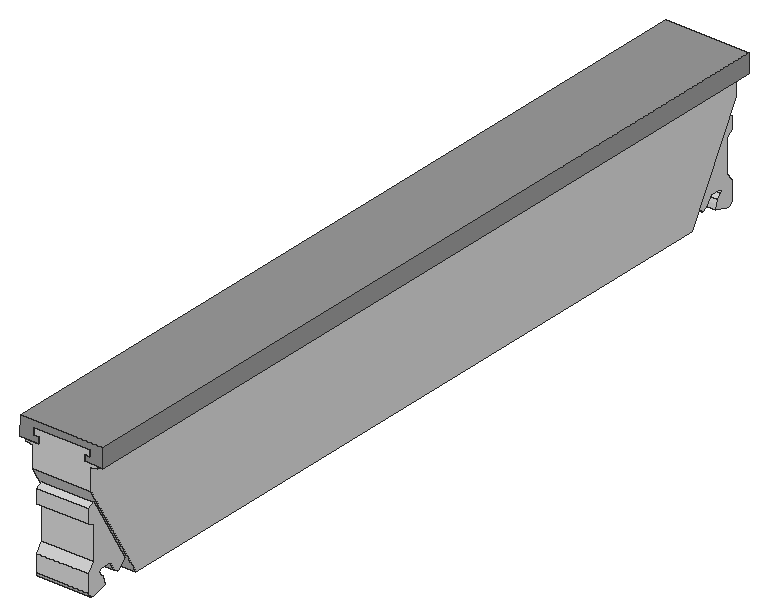
Revit family "CC4_TRANSVERSAL CC TE 0.75 ALU_1870405", category Generic Models, Revit 2018
Family settings
  Can host rebar = No
  Round Connector Dimension = Use Diameter
  Part Type = Normal
  OmniClass Number = 35.51.14.00
  OmniClass Title = FORMWORK
  Work Plane-Based = Yes
  Always vertical = No
  Cut with Voids When Loaded = No
  Shared = Yes
  Room Calculation Point = No
Parameters
  VERSION = "20190101"  # constant formula
  URL = "www.ulmaconstruction.com/en"
  UNICLASS = ""
  ITEM_CODE = "1870405"
  Manufacturer = "ULMA CONSTRUCTION"  # constant formula
  FILTER [instance] = ""
  Default Elevation = 0.000 mm
  CLASSIFICATION_TITLE = ""
  CLASSIFICATION_NUMBER = ""
Reference planes
  plane 1 "Centro (Frontal/Posterior)": y = 0
  plane 2: z = 0
  plane 3 "Centro (Izquierda/Derecha)": x = 0
  plane 4 "ITEM_LENGTH": y = 750
Forms (mm)
  Extrusion 1, solid, material "ULMA ZINC", detail levels fine
    sketch origin (0, 0, 0) x (1, 0, 0) y (0, 0, 1)
      loop
        line (-23.75, -6) -> (-23.75, -10.7) -> (-19, -10.7) -> (-19, -16) -> (-30, -16) -> (-30, -18) -> (-24.75, -19.105) -> (-24.75, -118.4) -> (-7.05, -118.4) -> (-7.05, -115.9) -> (-9.9, -115.9) -> (-9.9, -102.9) -> (9.9, -102.9) -> (9.9, -115.9) -> (7.05, -115.9) -> (7.05, -118.4) -> (24.75, -118.4) -> (24.75, -19.105) -> (30, -18) -> (30, -16) -> (19, -16) -> (19, -10.7) -> (23.75, -10.7) -> (23.75, -6) -> (-23.75, -6)
    from -715 to -35
  Extrusion 2, solid, material "ULMA POLYPROPYLENE BLACK", detail levels fine
    sketch origin (0, 0, 0) x (1, 0, 0) y (0, 0, 1)
      loop
        line (-19, -16) -> (-19, -10.7) -> (-23.75, -10.7) -> (-23.75, -6) -> (23.75, -6) -> (23.75, -10.7) -> (19, -10.7) -> (19, -16) -> (35, -16) -> (35, 0) -> (-35, 0) -> (-35, -16) -> (-19, -16)
    from -715 to -35
  Extrusion 3, void
    sketch origin (0, 0, 0) x (0, 1, 0) y (0, 0, 1)
      loop
        line (35, -37.4) -> (30, -37.4) -> (30, -123.4) -> (81.765, -123.4) -> (81.765, -118.4) -> (35, -37.4)
    from -35 to 35
  Extrusion 4, void
    sketch origin (0, 0, 0) x (0, 1, 0) y (0, 0, 1)
      loop
        line (668.235, -118.4) -> (668.235, -120.4) -> (717, -120.4) -> (717, -37.4) -> (715, -37.4) -> (668.235, -118.4)
    from -35 to 35
  Extrusion 5, solid, material "ULMA ZINC", detail levels fine
    sketch origin (0, 0, 0) x (0, 1, 0) y (0, 0, 1)
      loop
        line (41.548, -48.741) -> (36.25, -51.8) -> (36.25, -62.8) -> (41.75, -65.975) -> (41.75, -93.569) -> (36, -100.421) -> (36, -115.208)
        arc (36, -115.208) -> (37.565, -118.382) -> (41.035, -119.072) r 4
        line (41.035, -119.072) -> (52.5, -116)
        arc (52.5, -116) -> (52.078, -112.318) -> (50.91, -108.8) r 18
        line (50.91, -108.8) -> (47.525, -105.414)
        arc (47.525, -105.414) -> (47.091, -103.235) -> (48.939, -102) r 2
        line (48.939, -102) -> (58, -102) -> (61.984, -108.9) -> (66.314, -111.4) -> (74.013, -104.973) -> (41.548, -48.741)
    from -22 to 22
  Extrusion 6, solid, material "ULMA ZINC", detail levels fine
    sketch origin (0, 0, 0) x (0, 1, 0) y (0, 0, 1)
      loop
        line (708.452, -48.741) -> (675.987, -104.973) -> (683.686, -111.4) -> (688.016, -108.9) -> (692, -102) -> (701.061, -102)
        arc (701.061, -102) -> (702.909, -103.235) -> (702.475, -105.414) r 2
        line (702.475, -105.414) -> (699.09, -108.8)
        arc (699.09, -108.8) -> (697.922, -112.318) -> (697.5, -116) r 18
        line (697.5, -116) -> (708.965, -119.072)
        arc (708.965, -119.072) -> (712.435, -118.382) -> (714, -115.208) r 4
        line (714, -115.208) -> (714, -100.421) -> (708.25, -93.569) -> (708.25, -65.975) -> (713.75, -62.8) -> (713.75, -51.8) -> (708.452, -48.741)
    from -22 to 22
  Extrusion 7, solid, material "ULMA POLYPROPYLENE BLACK", detail levels medium
    sketch origin (0, 0, 0) x (1, 0, 0) y (0, 0, 1)
      loop
        line (-35, 0) -> (-35, -118.4) -> (35, -118.4) -> (35, 0) -> (-35, 0)
    from -715 to -35
Cuts and joins
  Extrusion 3, Extrusion 4 cuts Extrusion 1
  Extrusion 3, Extrusion 4 cuts Extrusion 7
Lines and regions (mm)
  model lines, style "ULMA TRANSVERSAL CC TE", detail levels coarse
    curve 1: line (-35, 625, 0) -> (-35, 125, 0)
    curve 2: line (35, 625, 0) -> (35, 125, 0)
Dimensions and locks
  plane 1 "Centro (Frontal/Posterior)" to plane 4 "ITEM_LENGTH" = 750.000 mm
  locked: plane 4 "ITEM_LENGTH" to plane 1 "Centro (Frontal/Posterior)" at 750
  aligned and locked: level to plane 2
